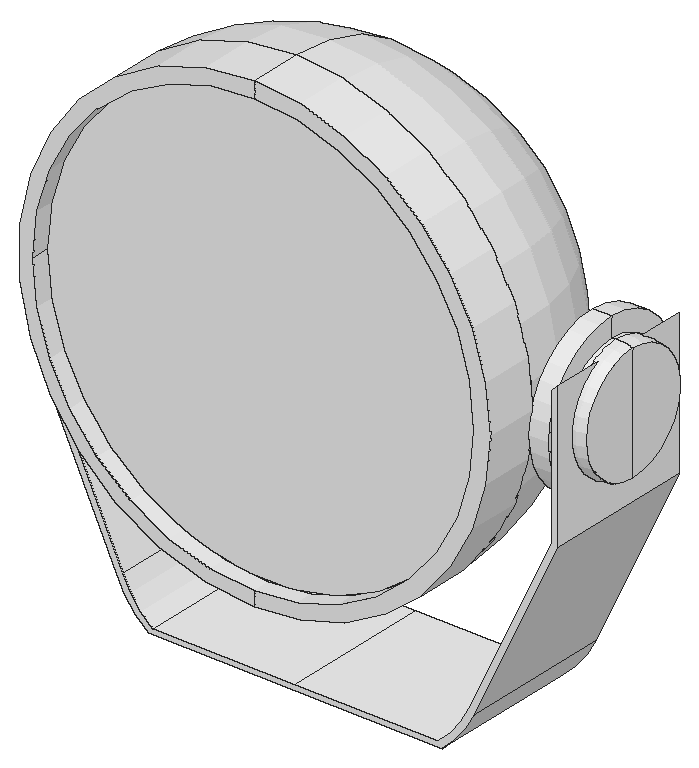
Revit family "Lighting-Accent-Acclaim-Aqua Drum EO", category Lighting Fixtures, host Face, Revit 2015
Parameters (values of type "Aqua Drum EO")
  Width = 2.42"
  Length = 5.66"
  Wattage = 9.2903 W
  built-in parameter 1150110 = 1 (stored number, unit not read)
  Voltage = 0 V
  URL = "http://www.acclaimlighting.com/"
  built-in parameter 1114217 = 1 (stored number, unit not read)
  Tilt Angle = -90.00°
  built-in parameter 1150109 = 1 (stored number, unit not read)
  built-in parameter 1150134 = 3
  built-in parameter 1150113 = 1 (stored number, unit not read)
  Power Factor = 1
  Photometric Web File = "generic"
  Number of Poles = 1
  built-in parameter 1150142 = (empty or 0)
  Model = "Aqua Drum EO"
  Manufacturer = "Acclaim Lighting"
  built-in parameter 1150105 = 109.82 (stored number, unit not read)
  Lumens = 1380 lm
  built-in parameter 1150115 = 1 (stored number, unit not read)
  built-in parameter 1150137 = (empty or 0)
  built-in parameter 1150139 = (empty or 0)
  built-in parameter 1150112 = 1 (stored number, unit not read)
  built-in parameter 1150114 = 1 (stored number, unit not read)
  Lamp = "LED"
  built-in parameter 1150132 = (empty or 0)
  built-in parameter 1150102 = (empty or 0)
  built-in parameter 1150107 = 3200 (stored number, unit not read)
  built-in parameter 1150138 = (empty or 0)
  built-in parameter 1150106 = 1.0982 (stored number, unit not read)
  Housing Finish = Aluminum
  Height = 5.43"
  Emit from Circle Diameter = 4.50"
  Emit Shape Visible in Rendering = no
  built-in parameter 1150104 = 13.8 (stored number, unit not read)
  Dimming Lamp Color Temperature Shift = <None>
  Description = "Accent Fixture"
  Default Elevation = 48.00"
  Color Filter = 16777215
  built-in parameter 1114218 = 1 (stored number, unit not read)
  built-in parameter 1150133 = 10 (stored number, unit not read)
  Apparent Load = 0 VA
Reference planes (in)
  plane 1 "Center (Front/Back)": y = 0
  plane 2: z = 0
  plane 3 "Center (Left/Right)": x = 0
  plane 4: x = 0.03565
  plane 5: z = 5.43
  plane 6: y = 1.21
  plane 7: y = -1.21
  plane 8: x = -2.79435
  plane 9: x = 2.86565
Forms (in)
  Revolve 1, solid, material "Aluminum" <- "Housing Finish"
    sketch origin (0, 0, -1.75) x (0, 1, 0) y (0, 0, 1)
      loop
        line (-1.21, 7.18) -> (-1.21, 4.94305) -> (1.21, 4.94305) -> (1.21, 5.51)
        arc (1.21, 5.51) -> (0.56233, 6.70409) -> (-0.71, 7.18) r 1.93871
        line (-0.71, 7.18) -> (-1.21, 7.18)
      axis (-1.21, 4.94305) -> (1.21, 4.94305)
    angle from 0 to 360
  Extrusion 2, solid, material "Aluminum" <- "Housing Finish"
    sketch origin (0.09498, 0, 0.94419) x (1, 0, 0) y (0, 0, 1)
      loop
        line (-2.58463, 2.55115) -> (-2.58463, 1.1786) -> (-1.79445, -0.51594)
        arc (-1.79445, -0.51594) -> (-1.66306, -0.73104) -> (-1.48716, -0.91158) r 1.12746
        line (-1.48716, -0.91158) -> (-0.09498, -0.91158) -> (1.2972, -0.91158)
        arc (1.2972, -0.91158) -> (1.4731, -0.73104) -> (1.60449, -0.51594) r 1.12746
        line (1.60449, -0.51594) -> (2.39467, 1.1786) -> (2.39467, 2.55115) -> (2.33217, 2.48865) -> (2.33217, 1.19246) -> (1.54785, -0.48952)
        arc (1.54785, -0.48952) -> (1.42374, -0.6927) -> (1.25759, -0.86323) r 1.06496
        line (1.25759, -0.86323) -> (-0.10306, -0.86323) -> (-1.44755, -0.86323)
        arc (-1.44755, -0.86323) -> (-1.6137, -0.6927) -> (-1.7378, -0.48952) r 1.06496
        line (-1.7378, -0.48952) -> (-2.52213, 1.19246) -> (-2.52213, 2.48865) -> (-2.58463, 2.55115)
    from -0.70684 to 0.72438
  Extrusion 3, void
    sketch origin (0, 0.41789, -1.75) x (1, 0, 0) y (0, 0, 1)
      loop
        circle (-0.01342, 4.93811) r 2.09396
    from 1.45641 to 1.62789
  Revolve 4, solid, material "Aluminum" <- "Housing Finish"
    sketch origin (3.93649, 0, -3.97277) x (-1, 0, 0) y (0, 0, 1)
      loop
        line (6.5597, 6.97209) -> (6.5597, 7.52266)
        arc (6.5597, 7.52266) -> (6.47831, 7.53724) -> (6.39564, 7.53889) r 0.52626
        line (6.39564, 7.53889) -> (6.35657, 7.53889) -> (6.35657, 7.72185) -> (6.1738, 7.72185) -> (6.1738, 6.97209) -> (6.5597, 6.97209)
      axis (6.1738, 6.97209) -> (6.5597, 6.97209)
    angle from 0 to 360
  Revolve 5, solid, material "Aluminum" <- "Housing Finish"
    sketch origin (-3.93649, 0, -3.97277) x (1, 0, 0) y (0, 0, 1)
      loop
        line (6.5597, 6.97209) -> (6.5597, 7.52266)
        arc (6.5597, 7.52266) -> (6.47831, 7.53724) -> (6.39564, 7.53889) r 0.52626
        line (6.39564, 7.53889) -> (6.35657, 7.53889) -> (6.35657, 7.72185) -> (6.1738, 7.72185) -> (6.1738, 6.97209) -> (6.5597, 6.97209)
      axis (6.1738, 6.97209) -> (6.5597, 6.97209)
    angle from 0 to 360
Cuts and joins
  Extrusion 3 cuts Revolve 1
Dimensions and locks (in)
  "Height": plane 5 to level
  equal spacing: plane 6, plane 1 "Center (Front/Back)", plane 7
  "Width": plane 6 to plane 7
  plane 5 to level = 5.43"
  plane 5 to host face = 5.43"
  equal spacing: plane 9, plane 4, plane 8
  "Length": plane 9 to plane 8
  aligned and locked: plane 2 to host face
  aligned and locked: level to host face
  aligned and locked: imposter light to cut or joined group of Revolve 1, Extrusion 3
  aligned and locked: Revolve 1 sketch curve to plane 7
Automatic sketch dimensions
  host sketch curve to host sketch curve = 96.00"  (x2)
  Revolve 1 sketch curve to plane 5 = 0.00"
  Revolve 1 sketch curve to plane 6 = 0.00"
  Revolve 1 sketch curve to plane 7 = 0.50"
  Revolve 1 sketch curve to plane 5 = 1.67"
  Revolve 1 sketch curve to Revolve 1 sketch curve = 0.56695"
  Revolve 1 sketch curve to Revolve 1 sketch curve = 1.65961"
  Revolve 1 sketch curve to plane 5 = 2.23695"
  Revolve 1 sketch curve to plane 6 = 7.37039"
  Extrusion 2 sketch curve to Extrusion 2 sketch curve = 0.00"  (x4)
  Extrusion 2 sketch curve to plane 3 "Center (Left/Right)" = 0.00"
  Extrusion 2 sketch curve to plane 3 "Center (Left/Right)" = 0.00809"
  Extrusion 2 sketch curve to plane 3 "Center (Left/Right)" = 0.67765"
  level to Extrusion 2 sketch curve = 0.08095"
  Extrusion 2 sketch curve to Extrusion 2 sketch curve = 0.67492"  (x2)
  level to Extrusion 2 sketch curve = 0.03261"
  Extrusion 2 sketch curve to Extrusion 2 sketch curve = 0.03961"  (x2)
  level to Extrusion 2 sketch curve = 0.45466"  (x2)
  Extrusion 2 sketch curve to Extrusion 2 sketch curve = 0.29025"  (x2)
  level to Extrusion 2 sketch curve = 0.42825"  (x2)
  plane 8 to Extrusion 2 sketch curve = 0.3672"
  Extrusion 2 sketch curve to Extrusion 2 sketch curve = 0.0625"  (x4)
  plane 4 to Extrusion 2 sketch curve = 0.642"
  Extrusion 2 sketch curve to plane 9 = 0.4385"
  Extrusion 2 sketch curve to Extrusion 2 sketch curve = 1.69454"  (x2)
  Extrusion 2 sketch curve to Extrusion 2 sketch curve = 0.01386"  (x2)
  Extrusion 2 sketch curve to Extrusion 2 sketch curve = 1.29619"  (x2)
  Extrusion 3 sketch curve to plane 3 "Center (Left/Right)" = 0.01342"
  Extrusion 3 sketch curve to plane 5 = 2.24189"
  Revolve 4 sketch curve to plane 8 = 0.55704"
  Revolve 4 sketch curve to Revolve 4 sketch curve = 0.18277"
  Revolve 4 sketch curve to Revolve 4 sketch curve = 0.03906"
  Revolve 4 sketch curve to Revolve 4 sketch curve = 0.2527"
  Revolve 4 sketch curve to Revolve 4 sketch curve = 0.16406"
  plane 5 to Revolve 4 sketch curve = 2.43068"
  Revolve 4 sketch curve to Revolve 4 sketch curve = 0.04144"
  Revolve 4 sketch curve to Revolve 4 sketch curve = 0.50913"
  Revolve 4 sketch curve to Revolve 4 sketch curve = 0.18296"
  Revolve 4 sketch curve to Revolve 4 sketch curve = 0.00"  (x2)
  plane 8 to Revolve 4 sketch curve = 1.29136"
  Revolve 5 sketch curve to plane 9 = 0.62834"
  Revolve 5 sketch curve to Revolve 5 sketch curve = 0.18277"
  Revolve 5 sketch curve to Revolve 5 sketch curve = 0.03906"
  Revolve 5 sketch curve to Revolve 5 sketch curve = 0.2527"
  Revolve 5 sketch curve to Revolve 5 sketch curve = 0.16406"
  Revolve 5 sketch curve to plane 5 = 2.43068"
  Revolve 5 sketch curve to Revolve 5 sketch curve = 0.04144"
  Revolve 5 sketch curve to Revolve 5 sketch curve = 0.50913"
  Revolve 5 sketch curve to Revolve 5 sketch curve = 0.18296"
  Revolve 5 sketch curve to Revolve 5 sketch curve = 0.00"  (x2)
  plane 9 to Revolve 5 sketch curve = 1.22006"
  radius of Extrusion 3 sketch curve = 2.09396"
Connectors (in)
  electrical at (0, 1.21, 3.19305), driven by "Number of Poles", driven by "Voltage", driven by "Apparent Load", driven by "Power Factor"
    settings: on cut or joined group of Revolve 1, Extrusion 3, index 1, voltage 0 V, apparent load 0 VA, apparent load phase1 0 VA, apparent load phase2 0 VA, apparent load phase3 0 VA, power factor 1, load classification "Other", number of poles 1, system type 31, power factor state 1, is connector primary yes, connector utility yes, sub classification motor no, connector description ""
